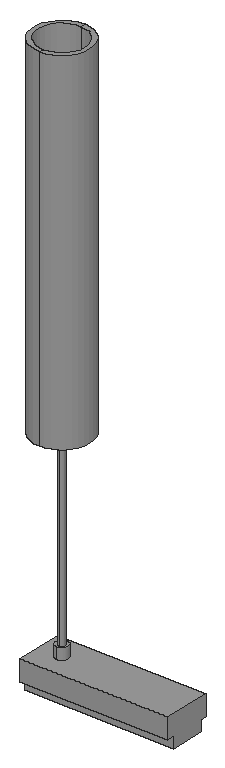
Revit family "Alcon - 15100_Suspended Disk-Linear", category Lighting Fixtures, host Face, Revit 2025
Family settings
  Host = Face
  Round Connector Dimension = Use Diameter
  Part Type = Normal
  Cut with Voids When Loaded = No
  Light Source = Yes
  Maintain Annotation Orientation = No
  Shared = No
  Room Calculation Point = No
Parameters
  Wattage = 9.2903 W
  built-in parameter 1150110 = 1 (stored number, unit not read)
  built-in parameter 1114217 = 1 (stored number, unit not read)
  Tilt Angle = 60.00°
  built-in parameter 1150109 = 1 (stored number, unit not read)
  built-in parameter 1150134 = 3
  built-in parameter 1150113 = 1 (stored number, unit not read)
  built-in parameter 1010507 = 1.5708 (stored number, unit not read)
  built-in parameter 1010506 = 0.5236 (stored number, unit not read)
  built-in parameter 1150105 = 4614.1 (stored number, unit not read)
  Lumens = 1380 lm
  built-in parameter 1150115 = 1 (stored number, unit not read)
  Light Source Symbol Length = 10' - 0"
  built-in parameter 1150137 = (empty or 0)
  built-in parameter 1150139 = (empty or 0)
  built-in parameter 1150112 = 1 (stored number, unit not read)
  built-in parameter 1150114 = 1 (stored number, unit not read)
  built-in parameter 1150132 = (empty or 0)
  built-in parameter 1150102 = (empty or 0)
  built-in parameter 1150107 = 3200 (stored number, unit not read)
  built-in parameter 1150138 = (empty or 0)
  built-in parameter 1150106 = 46.141 (stored number, unit not read)
  HOUSING = Default
  Fixture Rotation = 90.00°
  built-in parameter 1150104 = 13.8 (stored number, unit not read)
  Dimming Lamp Color Temperature Shift = (empty or 0)
  Default Elevation = 4' - 0"
  Color Filter = 16777215
  built-in parameter 1114218 = 1 (stored number, unit not read)
  built-in parameter 1150133 = 10 (stored number, unit not read)
  Adjustable Length = 0' - 5"
Reference planes (in)
  plane 1 "Center (Front/Back)": y = 0
  plane 2: z = 0
  plane 3 "Center (Left/Right)": x = 0
Forms (in)
  Extrusion 1, solid, material "Default" <- "HOUSING"
    sketch origin (-0.64495, -6.99033, 6.35123) x (0, -1, 0) y (0, 0, -1)
      loop
        line (-6.34033, 5.36282) -> (-6.34033, 5.93211) -> (-6.51937, 5.93211) -> (-6.51937, 6.23212) -> (-7.46129, 6.23212) -> (-7.46129, 5.93211) -> (-7.64033, 5.93211) -> (-7.64033, 5.36282) -> (-6.34033, 5.36282)
    from 0 to 4.13
  Revolve 2, solid, material "Default" <- "HOUSING"
    sketch origin (0, 0, 0) x (0, 1, 0) y (0, 0, 1)
      loop
        line (0, 0.98841) -> (0, 1.28553) -> (-0.17498, 1.28553) -> (-0.17498, 0.98841) -> (0, 0.98841)
      axis (0, 0.98841) -> (0, 1.28553)
    angle from 0 to 360
  Revolve 3, solid, material "Default" <- "HOUSING"
    sketch origin (0, 0, 7.57105) x (0, 1, 0) y (0, 0, 1)
      loop
        line (0, -0.98841) -> (-0.17498, -0.98841) -> (-0.17498, -1.28553) -> (0, -1.28553) -> (0, -0.98841)
      axis (0, -0.98841) -> (0, -1.28553)
    angle from 0 to 360
  Revolve 4, solid, material "Default" <- "HOUSING"
    sketch origin (0, 0, 0) x (0, 1, 0) y (0, 0, 1)
      loop
        line (-0.08398, 6.28553) -> (-0.08398, 1.28553) -> (0, 1.28553) -> (0, 6.28553) -> (-0.08398, 6.28553)
      axis (0, 6.28553) -> (0, 1.28553)
    angle from 0 to 360
  Revolve 5, solid, material "Default" <- "HOUSING"
    sketch origin (0, 0, 0) x (0, 1, 0) y (0, 0, 1)
      loop
        line (0, 6.58264) -> (0, 13.70764) -> (-0.66, 13.70764) -> (-0.66, 16.42264) -> (-0.785, 16.42264) -> (-0.785, 6.58264) -> (0, 6.58264)
      axis (0, 6.58264) -> (0, 16.42264)
    angle from 0 to 360
Dimensions and locks (in)
  aligned and locked: plane 2 to host face
  aligned and locked: level to host face
